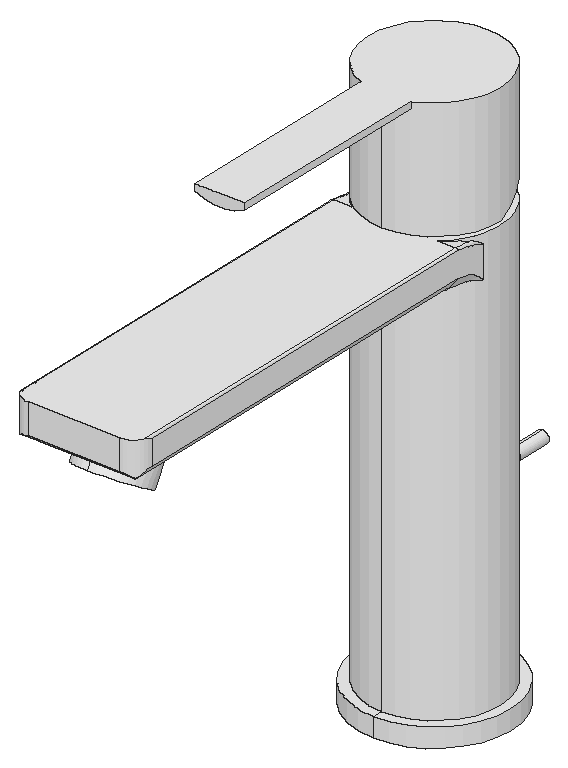
Revit family "Faucet-Lavatory-Grohe-Lineare-23794_Series", category Plumbing Fixtures, Revit 2014
Parameters (values of type "2379400A")
  cUPC Compliant = yes
  Width = 1 7/8"  # constant formula
  Waste Connection = no
  Warranty Documentation Link = "https://cdn.cloud.grohe.com/tpi/1000/1900/1940/1949/1949006/original/1949006.pdf"
  WFU = 2  # constant formula
  Vent Connection = no
  URL = "https://www.grohe.com/"
  Shipping Weight = 0.00 lbf
  Product Page URL = "https://www.grohe.us/en_us/lineare-single-handle-bathroom-faucet-s-size-2379400A.html"
  Price = "Prices may vary. Please consult Manufacturer Representative for most up-to-date price list."  # constant formula
  Model = "2379400A"
  Material = "Metal-Grohe-00A-Chrome"
  Manufacturer = "Grohe"
  Length = 5 1/16"  # constant formula
  Installation Type = "Deck-Mounted"
  Hot Water Connection Diameter = 3/8"
  Height = 7 1/16"  # constant formula
  HWFU = 1.5  # constant formula
  HW Connection = yes
  Flow Rate = ""
  Finish = Metal-Grohe-00A-Chrome
  Description = "Lineare Single-Handle Bathroom Faucet S-Size"  # constant formula
  Default Elevation = 0"
  Creation Date = "05/28/2018"  # constant formula
  Cold Water Connection Diameter = 3/8"
  CalGreen Compliant = yes
  CWFU = 1.5  # constant formula
  CW Connection = yes
  Assembly Code = "D2020300"
Types (3): name | Product Page URL | Model | Material | Finish
  (no name) | "https://www.grohe.us/en_us/lineare-single-handle-bathroom-faucet-s-size-2379400A.html" | "2379400A" | "Metal-Grohe-00A-Chrome" | Metal-Grohe-00A-Chrome
  2379400A | "https://www.grohe.us/en_us/lineare-single-handle-bathroom-faucet-s-size-2379400A.html" | "2379400A" | "Metal-Grohe-00A-Chrome" | Metal-Grohe-00A-Chrome
  23794ENA | "https://www.grohe.us/en_us/lineare-single-handle-bathroom-faucet-s-size-23794ENA.html" | "23794ENA" | "Metal-Grohe-ENA-Brushed Nickel" | Metal-Grohe-ENA-Brushed Nickel
Reference planes (in)
  plane 1 "Center (Front/Back)": y = 0
  plane 2: z = 0
  plane 3 "Center (Left/Right)": x = 0
  plane 4: x = -0.9375
  plane 5: x = 0.9375
  plane 6: z = 2.18135
  plane 7: z = 7.0625
  plane 8: y = -5.0625
  plane 9: z = 4.80886
  plane 10: z = 5.20378
  plane 11: z = 5.16381
  plane 12: y = -5.5625
  plane 13: z = 4.75
Forms (in)
  Sweep 1, solid, material "Metal-Grohe-00A-Chrome" <- "Finish"
    path origin (0, 0.45312, 0.96875) x (0, 1, 0) y (0, 0, 1)
      loop
        line (1.21055, 1.2126) -> (0.76382, 1.2126)
        arc (0.76382, 1.2126) -> (0.65784, 1.17918) -> (0.5902, 1.09102) r 0.18477
        line (0.5902, 1.09102) -> (0.15396, -0.10753)
    profile origin (0, 1.44031, 2.18135) x (0, 0, -1) y (1, 0, 0)
      loop
        circle (0, 0) r 0.07813
  Revolve 2, solid, material "Metal-Grohe-00A-Chrome" <- "Finish"
    sketch origin (0, 0, 0) x (0, 1, 0) y (0, 0, 1)
      loop
        line (0.94466, 0) -> (0.94466, 0.23622) -> (0.81521, 0.23622) -> (0.81521, 5.54144) -> (0, 5.54144) -> (0, 0) -> (0.94466, 0)
      loop
        line (0, 5.58857) -> (0.81521, 5.58857) -> (0.81521, 7.0625) -> (0, 7.0625) -> (0, 5.58857)
      axis (0, 7.0625) -> (0, 0)
    angle from 0 to 360
  Extrusion 3, solid, material "Metal-Grohe-00A-Chrome" <- "Finish"
    sketch origin (0, 0, 0) x (1, 0, 0) y (0, 1, 0)
      loop
        circle (-0.32883, 0) r 0.1875
      loop
        circle (0.32883, 0) r 0.1875
    from 0 to 1.64416
  Extrusion 4, void
    sketch origin (0, 0, 0) x (0, 1, 0) y (0, 0, 1)
      loop
        line (0, 5.58857) -> (0.99479, 5.58857) -> (0.99479, 6.09544) -> (0, 5.58857)
    from -1.12692 to 1.14137
  Extrusion 5, solid, material "Metal-Grohe-00A-Chrome" <- "Finish"
    sketch origin (0, 0, 0) x (1, 0, 0) y (0, 0, 1)
      loop
        line (-0.30785, 7.0625) -> (-0.30785, 6.98388)
        arc (-0.30785, 6.98388) -> (0, 6.91435) -> (0.30785, 6.98388) r 0.71628
        line (0.30785, 6.98388) -> (0.30785, 7.0625) -> (-0.30785, 7.0625)
    from 0 to 3.3125
  Sweep 6, solid, material "Metal-Grohe-00A-Chrome" <- "Finish"
    path origin (0, -0.28125, 0) x (0, 1, 0) y (0, 0, 1)
      loop
        line (0.50313, 4.20473) -> (0.50313, 4.70015)
        arc (0.50313, 4.70015) -> (0.25672, 5.29503) -> (-0.33817, 5.54144) r 0.84129
        line (-0.33817, 5.54144) -> (-6.56521, 5.54144)
    profile origin (0, -3.73294, 5.54144) x (0, 0, -1) y (1, 0, 0)
      loop
        line (0.02925, -0.78125) -> (0.3365, -0.78125)
        arc (0.3365, -0.78125) -> (0.73729, 0) -> (0.3365, 0.78125) r 0.96183
        line (0.3365, 0.78125) -> (0.02734, 0.78125)
        arc (0.02734, 0.78125) -> (0.00801, 0.77324) -> (0, 0.75391) r 0.02734
        line (0, 0.75391) -> (0, -0.752)
        arc (0, -0.752) -> (0.00857, -0.77268) -> (0.02925, -0.78125) r 0.02925
  Extrusion 7, void
    sketch origin (0, 0, 0) x (1, 0, 0) y (0, 1, 0)
      loop
        line (-0.78125, -5.26633) -> (-0.9375, -5.26633) -> (-0.9375, -7.17595) -> (0.9375, -7.17595) -> (0.9375, -5.26633) -> (0.78125, -5.26633) -> (0.78125, -5.34375)
        arc (0.78125, -5.34375) -> (0.71718, -5.49843) -> (0.5625, -5.5625) r 0.21875
        line (0.5625, -5.5625) -> (-0.56344, -5.5625)
        arc (-0.56344, -5.5625) -> (-0.71746, -5.49871) -> (-0.78125, -5.34469) r 0.21781
        line (-0.78125, -5.34469) -> (-0.78125, -5.26633)
    from 4.35755 to 5.83276
  Extrusion 8, void
    sketch origin (0, 0, 0) x (0, 1, 0) y (0, 0, 1)
      loop
        line (-5.66341, 5.27209) -> (-5.66341, 4.76014) -> (-4.53153, 4.76014)
        arc (-4.53153, 4.76014) -> (-5.151, 4.89777) -> (-5.66341, 5.27209) r 1.55016
    from -0.97961 to 1.14137
  Revolve 9, solid, material "Metal-Grohe-00A-Chrome" <- "Finish"
    sketch origin (0, 0, 0) x (0, 1, 0) y (0, 0, 1)
      loop
        line (-4.97099, 4.67211) -> (-4.59547, 4.4553) -> (-4.26583, 5.02625) -> (-4.64135, 5.24306) -> (-4.97099, 4.67211)
      axis (-4.64135, 5.24306) -> (-4.97099, 4.67211)
    angle from 0 to 360
  Revolve 10, solid, material "Metal-Grohe-00A-Chrome" <- "Finish"
    sketch origin (0, 0, 0) x (0, 1, 0) y (0, 0, 1)
      loop
        arc (0.69343, 5.54144) -> (0.41983, 5.88665) -> (0, 6.01998) r 0.75371
        line (0, 6.01998) -> (0, 5.54144) -> (0.69343, 5.54144)
      axis (0, 5.54144) -> (0, 6.01998)
    angle from 0 to 360
Cuts and joins
  Extrusion 4, Extrusion 7, Extrusion 8 cuts Sweep 1
  Extrusion 4, Extrusion 7, Extrusion 8 cuts Revolve 2
  Extrusion 4, Extrusion 7, Extrusion 8 cuts Extrusion 3
  Extrusion 7, Extrusion 8 cuts Extrusion 5
  Extrusion 7, Extrusion 8 cuts Sweep 6
  joined: Sweep 1, Revolve 2, Extrusion 3, Extrusion 5, Sweep 6, Revolve 9, Revolve 10
Lines and regions (in)
  Masking region 1
    outline origin (0, 0, 0) x (1, 0, 0) y (0, 1, 0)
      loop
        arc (-0.07812, 0.94143) -> (-0.85247, 0.40706) -> (-0.78125, -0.53107) r 0.94466
        line (-0.78125, -0.53107) -> (-0.78125, -5.34469)
        arc (-0.78125, -5.34469) -> (-0.71746, -5.49871) -> (-0.56344, -5.5625) r 0.21781
        line (-0.56344, -5.5625) -> (0.5625, -5.5625)
        arc (0.5625, -5.5625) -> (0.71718, -5.49843) -> (0.78125, -5.34375) r 0.21875
        line (0.78125, -5.34375) -> (0.78125, -0.53107)
        arc (0.78125, -0.53107) -> (0.85247, 0.40706) -> (0.07812, 0.94143) r 0.94466
        line (0.07812, 0.94143) -> (0.07813, 1.66367) -> (-0.07812, 1.66367) -> (-0.07812, 0.94143)
  symbolic lines, detail levels medium+fine
    curve 1: arc (-0.07812, 0.81145, 0) -> (-0.67621, 0.4553, 0) -> (-0.78125, -0.23283, 0) r 0.81521
    curve 2: line (-0.78125, -0.23283, 0) -> (-0.78125, -0.61942, 0)
    curve 3: line (-0.07812, 0.94143, 0) -> (-0.07812, 0.81145, 0)
    curve 4: arc (0.07813, 0.81145, 0) -> (0.67621, 0.4553, 0) -> (0.78125, -0.23283, 0) r 0.81521
    curve 5: line (0.78125, -0.23283, 0) -> (0.78125, -0.61942, 0)
    curve 6: line (0.07813, 0.94143, 0) -> (0.07813, 0.81145, 0)
  symbolic lines, detail levels fine
    curve 7: line (-0.30785, -3.3125, 0) -> (0.30785, -3.3125, 0)
    curve 8: line (-0.30785, -0.75485, 0) -> (-0.30785, -3.3125, 0)
    curve 9: line (0.30785, -3.3125, 0) -> (0.30785, -0.75485, 0)
    curve 10: arc (-0.30785, -0.75485, 0) -> (-0.60387, -0.54763, 0) -> (-0.78125, -0.23283, 0) r 0.81521
    curve 11: arc (0.30785, -0.75485, 0) -> (0.60387, -0.54763, 0) -> (0.78125, -0.23283, 0) r 0.81521
Dimensions and locks (in)
  equal spacing: plane 4, plane 3 "Center (Left/Right)", plane 5
  locked: plane 4 to plane 5 at 1.875
  "Height": plane 7 to level
  "Length": plane 1 "Center (Front/Back)" to plane 8
  "Hot Water Connection Diameter": diameter of Extrusion 3 sketch curve
  "Cold Water Connection Diameter": diameter of Extrusion 3 sketch curve
  aligned and locked: plane 6 to Sweep 1 sketch curve
Automatic sketch dimensions
  Sweep 1 sketch curve to plane 3 "Center (Left/Right)" = 0"
  Sweep 1 sketch curve to profile plane = 0"
  plane 6 to Sweep 1 sketch curve = 0.12157"
  plane 6 to Sweep 1 sketch curve = 0.18477"
  Sweep 1 sketch curve to Sweep 1 sketch curve = 0.44672"
  level to Sweep 1 sketch curve = 0.86122"
  Sweep 1 sketch curve to plane 1 "Center (Front/Back)" = 1.04332"
  Sweep 1 sketch curve to plane 1 "Center (Front/Back)" = 0.60709"
  plane 1 "Center (Front/Back)" to Extrusion 3 sketch curve = 0"  (x2)
  Extrusion 3 sketch curve to plane 3 "Center (Left/Right)" = 0.32883"
  plane 3 "Center (Left/Right)" to Extrusion 3 sketch curve = 0.32883"
  Revolve 2 sketch curve to plane 1 "Center (Front/Back)" = 0"  (x3)
  Revolve 2 sketch curve to level = 0"
  Revolve 2 sketch curve to plane 7 = 0"
  level to Revolve 2 sketch curve = 0.23622"
  Revolve 2 sketch curve to plane 1 "Center (Front/Back)" = 0.81521"
  Revolve 2 sketch curve to Revolve 2 sketch curve = 0"
  Revolve 2 sketch curve to Revolve 2 sketch curve = 0.12946"
  Revolve 2 sketch curve to Revolve 2 sketch curve = 1.52106"
  Revolve 2 sketch curve to Revolve 2 sketch curve = 0.04713"
  Revolve 2 sketch curve to Revolve 2 sketch curve = 0.09888"
  Revolve 2 sketch curve to Revolve 2 sketch curve = 1/4"
  Extrusion 4 sketch curve to plane 1 "Center (Front/Back)" = 0"
  Extrusion 4 sketch curve to plane 1 "Center (Front/Back)" = 0.99479"
  Extrusion 4 sketch curve to plane 7 = 0.96706"
  Extrusion 4 sketch curve to Extrusion 4 sketch curve = 0.50687"
  Extrusion 5 sketch curve to plane 3 "Center (Left/Right)" = 0"
  Extrusion 5 sketch curve to plane 7 = 0"
  Extrusion 5 sketch curve to plane 7 = 0.07862"  (x2)
  Extrusion 5 sketch curve to plane 3 "Center (Left/Right)" = 0.30785"
  plane 7 to Extrusion 5 sketch curve = 0.56813"
  Sweep 6 sketch curve to plane 3 "Center (Left/Right)" = 0"
  Sweep 6 sketch curve to profile plane = 0"
  profile plane to Sweep 6 sketch curve = 0.22454"
  Sweep 6 sketch curve to Sweep 6 sketch curve = 0.02925"
  Sweep 6 sketch curve to profile plane = 7/256"
  Sweep 6 sketch curve to Sweep 6 sketch curve = 0.30915"
  Sweep 6 sketch curve to Sweep 6 sketch curve = 0.30725"
  Sweep 6 sketch curve to plane 3 "Center (Left/Right)" = 0.752"
  Extrusion 8 sketch curve to plane 8 = 0.53097"
  Extrusion 8 sketch curve to plane 8 = 0.55033"
  Extrusion 8 sketch curve to plane 7 = 0.75232"
  Extrusion 8 sketch curve to plane 12 = 0.10091"
  plane 1 "Center (Front/Back)" to Sweep 6 sketch curve = 0.61942"
  Sweep 6 sketch curve to plane 1 "Center (Front/Back)" = 0.22188"
  Sweep 6 sketch curve to plane 12 = 1.28396"
  Sweep 6 sketch curve to Sweep 6 sketch curve = 0.49541"
  Sweep 6 sketch curve to plane 13 = 0.04985"
  plane 11 to Extrusion 8 sketch curve = 0.10828"
  Revolve 9 sketch curve to plane 13 = 0.07789"
  Revolve 9 sketch curve to plane 13 = 0"
  Revolve 9 sketch curve to plane 8 = 0.09151"
  plane 11 to Revolve 9 sketch curve = 0.07926"
  Revolve 9 sketch curve to plane 8 = 0.42115"
  Revolve 9 sketch curve to plane 13 = 0.2947"
  Revolve 9 sketch curve to Revolve 9 sketch curve = 0.04497"
  Revolve 9 sketch curve to Revolve 9 sketch curve = 0.19127"
  plane 13 to Revolve 9 sketch curve = 0.16177"
  Revolve 10 sketch curve to plane 1 "Center (Front/Back)" = 0"  (x2)
  plane 1 "Center (Front/Back)" to Revolve 10 sketch curve = 0.00826"
  plane 11 to Revolve 10 sketch curve = 0.37764"
  Revolve 10 sketch curve to plane 1 "Center (Front/Back)" = 0.69343"
  plane 11 to Revolve 10 sketch curve = 0.10251"
  Revolve 10 sketch curve to plane 7 = 0.14711"
  plane 7 to Revolve 10 sketch curve = 0.43267"
  Extrusion 7 sketch curve to plane 4 = 0"
  Extrusion 7 sketch curve to plane 12 = 0"
  Extrusion 7 sketch curve to plane 5 = 0"
  Extrusion 7 sketch curve to Extrusion 7 sketch curve = 5/32"
  plane 12 to Extrusion 7 sketch curve = 0.21781"
  plane 12 to Extrusion 7 sketch curve = 7/32"
  Extrusion 7 sketch curve to plane 5 = 3/8"
  Extrusion 7 sketch curve to plane 12 = 1.61345"
  Extrusion 7 sketch curve to Extrusion 7 sketch curve = 0.07837"
  plane 8 to Extrusion 7 sketch curve = 0.20383"
  curve 1 to curve 4 = 0"  (x2)
  curve 1 to curve 11 = 0"
  curve 4 to curve 10 = 0"  (x2)
  curve 10 to curve 11 = 0"
  plane 1 "Center (Front/Back)" to curve 10 = 0"
  curve 10 to plane 3 "Center (Left/Right)" = 0"
  curve 3 to plane 3 "Center (Left/Right)" = 5/64"
  curve 7 to plane 3 "Center (Left/Right)" = 0.30785"
  curve 2 to plane 4 = 5/32"
  plane 3 "Center (Left/Right)" to curve 6 = 5/64"
  plane 3 "Center (Left/Right)" to curve 7 = 0.30785"
  curve 5 to plane 5 = 5/32"
  plane 1 "Center (Front/Back)" to curve 5 = 0.23283"
  plane 1 "Center (Front/Back)" to curve 2 = 0.23283"
  curve 9 to plane 8 = 1 3/4"
  curve 2 to curve 1 = 0.38659"
  curve 5 to curve 11 = 0.38659"
  curve 1 to curve 3 = 0.12997"
  curve 4 to curve 6 = 0.12997"
  Masking region 1 sketch curve to Masking region 1 sketch curve = 0"  (x3)
  Masking region 1 sketch curve to plane 12 = 0"
  plane 1 "Center (Front/Back)" to Masking region 1 sketch curve = 0"
  Masking region 1 sketch curve to plane 3 "Center (Left/Right)" = 0"
  Masking region 1 sketch curve to plane 3 "Center (Left/Right)" = 5/64"
  Masking region 1 sketch curve to plane 4 = 0.37406"
  Masking region 1 sketch curve to plane 4 = 5/32"
  plane 3 "Center (Left/Right)" to Masking region 1 sketch curve = 5/64"
  Masking region 1 sketch curve to plane 5 = 3/8"
  Masking region 1 sketch curve to plane 5 = 5/32"
  Masking region 1 sketch curve to Masking region 1 sketch curve = 0.72224"
  plane 1 "Center (Front/Back)" to Masking region 1 sketch curve = 0.53107"
  radius of Sweep 1 sketch curve = 5/64"
Connectors (in)
  piping at (-0.32883, 0, 0), diameter 0.375, driven by "HWFU", driven by "Hot Water Connection Diameter"
    settings: on Extrusion 3, index 1, connector inside diameter 24", connector length 0", flow factor 0, pipe flow 0 GPM, pressure drop 0.00 psi, fitting loss kfactor 0, connector angle 0.00°, fixture units 1.5, engagement length 0", angle of deflection 0.00°, flow configuration 3, flow direction 1, fitting loss method 0, system type 19, joint type 0, gender type 0, connector reference index -1, connector utility 0, adjustable connector no, is connector primary yes, connector description "3/8\" NPT HW Inlet"
  piping at (0.32883, 0, 0), diameter 0.375, driven by "CWFU", driven by "Cold Water Connection Diameter"
    settings: on Extrusion 3, index 2, connector inside diameter 24", connector length 0", flow factor 0, pipe flow 0 GPM, pressure drop 0.00 psi, fitting loss kfactor 0, connector angle 0.00°, fixture units 1.5, engagement length 0", angle of deflection 0.00°, flow configuration 3, flow direction 1, fitting loss method 0, system type 20, joint type 0, gender type 0, connector reference index -1, connector utility 0, adjustable connector no, is connector primary no, connector description "3/8\" NPT CW Inlet"
